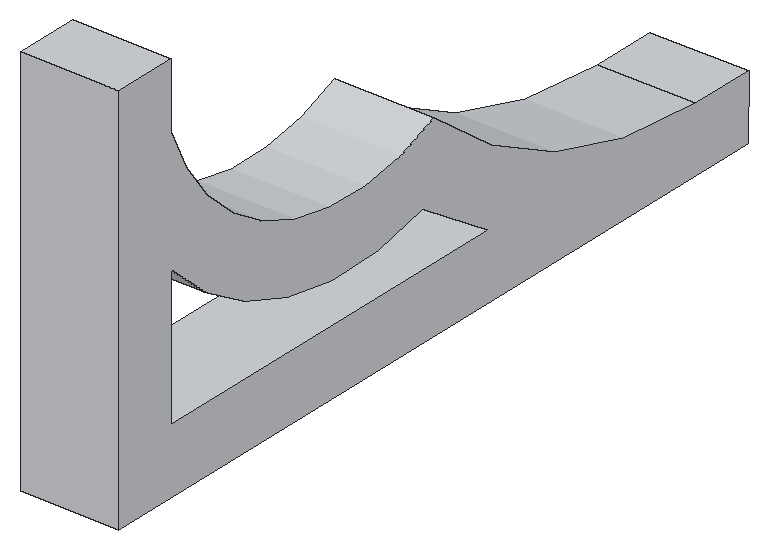
Revit family "OD_BASE EAVE BRACKET", category Generic Models, host Face, Revit 2019
Family settings
  Host = Face
  Can host rebar = No
  Round Connector Dimension = Use Diameter
  Part Type = Normal
  Cut with Voids When Loaded = No
  Shared = No
  Room Calculation Point = No
Parameters
  wood top and base thickness = 0' - 4"
  total height = 4' - 0"
  thickness = 0' - 6"
  Depth = 2' - 0"
  Default Elevation = 4' - 0"
Reference planes (in)
  plane 1 "Center (Front/Back)": y = 0
  plane 2: z = 0
  plane 3 "Center (Left/Right)": x = 0
  plane 4: x = -3
  plane 5: x = 3
  plane 6: y = -48
  plane 7: z = 24
Forms (in)
  Extrusion 1, solid
    sketch origin (0, 0, 0) x (0, 1, 0) y (0, 0, 1)
      loop
        line (-48, 24) -> (-48, 0) -> (0, 0) -> (0, 4) -> (-4, 4)
        arc (-4, 4) -> (-14.77033, 6.07418) -> (-24, 12) r 29
        arc (-24, 12) -> (-35.79626, 11.50934) -> (-44, 20) r 14.41022
        line (-44, 20) -> (-44, 24) -> (-48, 24)
      loop
        arc (-19.74802, 4) -> (-22.34485, 5.56887) -> (-24.78661, 7.36961) r 33
        arc (-24.78661, 7.36961) -> (-35.13481, 7.08618) -> (-44, 12.43164) r 18.41022
        line (-44, 12.43164) -> (-44, 4) -> (-19.74802, 4)
    from -3 to 3
Dimensions and locks (in)
  equal spacing: plane 4, plane 3 "Center (Left/Right)", plane 5
  "thickness": plane 4 to plane 5
  "total height": plane 6 to plane 1 "Center (Front/Back)"
  "Depth": plane 7 to plane 2
  "wood top and base thickness": Extrusion 1 sketch curve to Extrusion 1 sketch curve  (x4)
  "wood top and base thickness": Extrusion 1 sketch curve to host face  (x2)
  aligned and locked: plane 2 to host face
  aligned and locked: level to host face
  aligned and locked: Extrusion 1 to plane 4
  aligned and locked: plane 5 to Extrusion 1
Automatic sketch dimensions
  host sketch curve to host sketch curve = 8' - 0"
  host sketch curve to host sketch curve = 9' - 8.51442"
  Extrusion 1 sketch curve to Extrusion 1 sketch curve = 0' - 0"  (x4)
  Extrusion 1 sketch curve to level = 0' - 0"
  Extrusion 1 sketch curve to plane 6 = 0' - 0"
  Extrusion 1 sketch curve to plane 1 "Center (Front/Back)" = 0' - 0"
  Extrusion 1 sketch curve to plane 7 = 0' - 0"
  plane 7 to Extrusion 1 sketch curve = 0' - 0.88889"
  Extrusion 1 sketch curve to Extrusion 1 sketch curve = 1' - 1.55556"
  Extrusion 1 sketch curve to Extrusion 1 sketch curve = 1' - 3.74802"
  Extrusion 1 sketch curve to Extrusion 1 sketch curve = 0' - 7.56836"
  plane 7 to Extrusion 1 sketch curve = 0' - 9"
